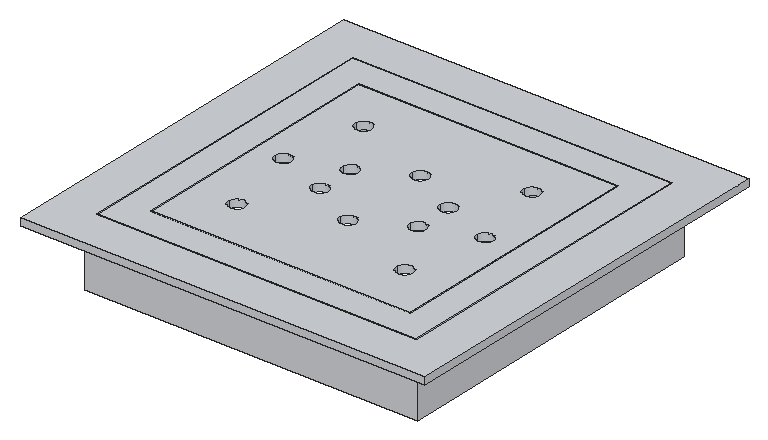
Revit family "SW", category Plumbing Fixtures, host Face, Revit 2018
Family settings
  Host = Face
  Round Connector Dimension = Use Diameter
  Part Type = Normal
  Cut with Voids When Loaded = No
  Shared = No
  Room Calculation Point = No
Parameters (values of type "SW6P-4_6 3/4” x 6 3/4” Perforated cover")
  URL = "WWW.MIFAB.COM"
  Model = "SW6P-4"
  Manufacturer = "MIFAB"
  Description = "SIDEWALK BOXES"
  Default Elevation = 4' - 0"
  Cut = 0' - 0 25/128"
Types (3): name | Model | Cut
  (no name) | "SW6P-4" | 0' - 0 25/128"
  SW6-4_6 3/4” x 6 3/4”-Solid cover | "SW6-4" | 0' - 1.06026"
  SW6P-4_6 3/4” x 6 3/4” Perforated cover | "SW6P-4" | 0' - 0 25/128"
Reference planes (in)
  plane 1 "Center (Front/Back)": y = 0
  plane 2: z = 0
  plane 3 "Center (Left/Right)": x = 0
  plane 4: x = -3.375
  plane 5: x = 3.375
  plane 6: y = -3.375
  plane 7: y = 3.375
  plane 8: x = -2.78125
  plane 9: x = 2.78125
  plane 10: y = -2.78125
  plane 11: y = 2.78125
  plane 12: z = -1.125
  plane 13: z = -0.26409
  plane 14: z = 0.09388
  plane 15: z = 0.28919
Forms (in)
  Sweep 1, solid
    path origin (0, 0, 0) x (1, 0, 0) y (0, 1, 0)
      loop
        line (3.375, 3.375) -> (-3.375, 3.375) -> (-3.375, -3.375) -> (3.375, -3.375) -> (3.375, 3.375)
    profile origin (3.375, 0, 0) x (1, 0, 0) y (0, 0, 1)
      loop
        line (0, 0) -> (-0.71094, 0) -> (-0.71094, -1.125) -> (-0.59375, -1.125) -> (-0.59375, -0.11719) -> (0, -0.11719) -> (0, 0)
  Extrusion 2, void
    sketch origin (0, 0, 0) x (1, 0, 0) y (0, 1, 0)
      loop
        line (-3.375, 3.375) -> (-3.375, -3.375) -> (3.375, -3.375) -> (3.375, 3.375) -> (-3.375, 3.375)
    from -1.125 to 0
  Sweep 3, solid
    path origin (0, 0, 0) x (1, 0, 0) y (0, 1, 0)
      loop
        line (2.78125, 2.78125) -> (-2.78125, 2.78125) -> (-2.78125, -2.78125) -> (2.78125, -2.78125) -> (2.78125, 2.78125)
    profile origin (2.78125, 0, 0) x (1, 0, 0) y (0, 0, 1)
      loop
        line (-0.11719, 0) -> (-0.61719, 0) -> (-0.61719, -0.11719) -> (-0.11719, -0.11719) -> (-0.11719, 0)
  Extrusion 4, solid
    sketch origin (0, 0, 0) x (1, 0, 0) y (0, 1, 0)
      loop
        line (-2.16406, 2.16406) -> (-2.16406, -2.16406) -> (2.16406, -2.16406) -> (2.16406, 2.16406) -> (-2.16406, 2.16406)
    from 0 to -0.11719
  Extrusion 5, void
    sketch origin (0, 0, 0) x (1, 0, 0) y (0, 1, 0)
      loop
        circle (1.40237, 1.32432) r 0.1378
      loop
        circle (1.68362, 0) r 0.1378
      loop
        circle (1.40237, -1.32432) r 0.1378
      loop
        circle (0.81639, 0.31696) r 0.1378
      loop
        circle (0.81639, -0.31696) r 0.1378
      loop
        circle (0, 0.75446) r 0.1378
      loop
        circle (0, -0.75446) r 0.1378
      loop
        circle (-1.40237, 1.32432) r 0.1378
      loop
        circle (-1.68362, 0) r 0.1378
      loop
        circle (-1.40237, -1.32432) r 0.1378
      loop
        circle (-0.81639, 0.31696) r 0.1378
      loop
        circle (-0.81639, -0.31696) r 0.1378
    from -0.26409 to 0.09388
Cuts and joins
  Extrusion 5 cuts Extrusion 4
  Extrusion 5 cuts Sweep 3
Lines and regions (in)
  model lines, not visible
    curve 1: line (9.83957, 7.38972, 0) -> (9.83957, 9.13972, 0)
    curve 2: line (9.83957, 9.13972, 0) -> (15.40207, 9.13972, 0)
    curve 3: line (15.40207, 9.13972, 0) -> (15.40207, 7.38972, 0)
Dimensions and locks (in)
  equal spacing: plane 4, plane 3 "Center (Left/Right)", plane 5
  locked: plane 4 to plane 5 at 6.75
  locked: plane 6 to plane 7 at 6.75
  equal spacing: plane 7, plane 1 "Center (Front/Back)", plane 6
  equal spacing: plane 8, plane 3 "Center (Left/Right)", plane 9
  plane 8 to plane 9 = 0' - 5 9/16"
  plane 10 to plane 11 = 0' - 5 9/16"
  equal spacing: plane 11, plane 1 "Center (Front/Back)", plane 10
  locked: level to plane 12 at 1.125
  locked: Sweep 1 sketch curve to plane 9 at 0.11719
  locked: host face to Sweep 1 sketch curve at 0.11719
  "Cut": plane 15 to plane 14
  locked: plane 14 to plane 13 at 0.35796
  locked: plane 15 to plane 2 at 0.28919
  aligned and locked: plane 2 to host face
  aligned and locked: level to host face
  aligned and locked: plane 5 to Sweep 1 sketch curve  (x2)
  aligned and locked: plane 7 to Sweep 1 sketch curve
  aligned and locked: Sweep 1 sketch curve to plane 4
  aligned and locked: Sweep 1 sketch curve to plane 6
  aligned and locked: host face to Sweep 1 sketch curve
  aligned and locked: plane 9 to Sweep 1 sketch curve
  aligned and locked: Sweep 1 sketch curve to plane 12
  aligned and locked: Extrusion 2 sketch curve to Sweep 1  (x4)
  aligned and locked: Extrusion 2 to plane 12
  aligned and locked: level to Extrusion 2
  aligned and locked: plane 9 to Sweep 3 sketch curve
  aligned and locked: plane 11 to Sweep 3 sketch curve
  aligned and locked: Sweep 3 sketch curve to plane 8
  aligned and locked: Sweep 3 sketch curve to plane 10
  aligned and locked: Sweep 1 to Sweep 3 sketch curve  (x2)
  aligned and locked: Sweep 3 sketch curve to Sweep 1
  aligned and locked: Extrusion 4 sketch curve to Sweep 3  (x4)
  aligned and locked: Extrusion 4 to level
  aligned and locked: Sweep 1 to Extrusion 4
  aligned and locked: Extrusion 5 to plane 13
  aligned and locked: plane 14 to Extrusion 5
Automatic sketch dimensions
  host sketch curve to host sketch curve = 8' - 0"  (x2)
  Sweep 3 sketch curve to Sweep 3 sketch curve = 0' - 0 1/2"
  plane 1 "Center (Front/Back)" to Extrusion 5 sketch curve = 0' - 0"  (x2)
  Extrusion 5 sketch curve to plane 3 "Center (Left/Right)" = 0' - 0"  (x2)
  plane 1 "Center (Front/Back)" to Extrusion 5 sketch curve = 0' - 0.31696"  (x2)
  Extrusion 5 sketch curve to plane 3 "Center (Left/Right)" = 0' - 0 209/256"
  Extrusion 5 sketch curve to plane 1 "Center (Front/Back)" = 0' - 0.31696"  (x2)
  Extrusion 5 sketch curve to Extrusion 5 sketch curve = 0' - 0"  (x2)
  Extrusion 5 sketch curve to Extrusion 5 sketch curve = 0' - 0.58598"  (x4)
  Extrusion 5 sketch curve to Extrusion 5 sketch curve = 0' - 0.86723"  (x2)
  plane 3 "Center (Left/Right)" to Extrusion 5 sketch curve = 0' - 0 209/256"
  plane 1 "Center (Front/Back)" to Extrusion 5 sketch curve = 0' - 0.75446"
  plane 1 "Center (Front/Back)" to Extrusion 5 sketch curve = 0' - 1.32432"
  Extrusion 5 sketch curve to Extrusion 5 sketch curve = 0' - 1.00735"  (x3)
  Extrusion 5 sketch curve to plane 1 "Center (Front/Back)" = 0' - 0.75446"
  radius of Extrusion 5 sketch curve = 0' - 0.1378"  (x12)
